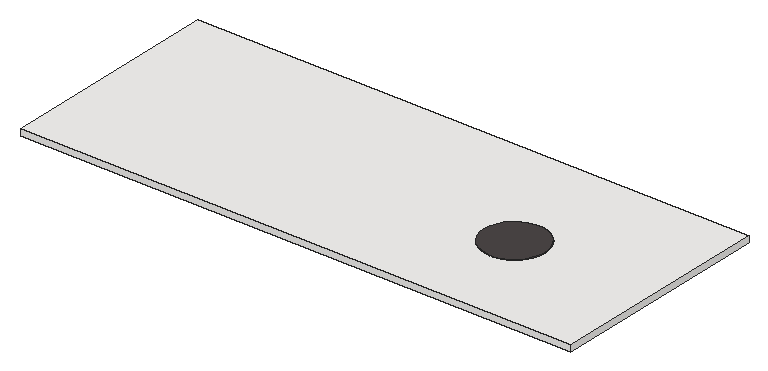
Revit family "console with cutout for bowl without tap hole", category Furniture, Revit 2019
Family settings
  OmniClass Number = 23.21.19.15.33.13
  Work Plane-Based = No
  Always vertical = No
  Cut with Voids When Loaded = No
  Shared = Yes
  Room Calculation Point = No
Parameters (values of type "Console 1360_550 with cutout right for bowl without tap hole-54117050-GLOSSY_WHITE-200")
  WEIGHT = "12.2"
  UNSPSC = "56 | Furniture and Furnishings"
  UNIFORMATII = "E2010 | Fixed Furnishings"
  UNICLASS2015 = "Pr_40_20_76_94 | Vanity units"
  SURFACE = "GLOSSY_WHITE"
  SPECIFICATION = "Surfaces:    - 54117050 High Gloss White  - 54117910 Diamond Matt Grey  - 54117230 Natural Oak  - 54117630 Dark Walnut      Specification:"
  REGIONSET = "Worldwide"
  R = 75
  PRODUCTURL = "https://pro.hansgrohe.com/articledetail--54117050"
  PRODUCTGROUP = "console"
  PRODUCTFAMILY = "Xelu Q"
  PERMALINK = "54117XXX"
  OMNICLASS = "23-19 31 17 11 | Bathroom Units"
  OBJECTTYPE = "Object (single object)"
  NN = "Console with cutout for bowl without tap hole"
  NBSYN = "$BASENUMBER.-$ARTNR.-$SURFACE.-$LODLEVEL."
  NB = "Console 1360/550 with cutout right for bowl without tap hole-54117050-GLOSSY_WHITE-200"
  NAME = "Xelu Q Console 1360/550 with cutout right for bowl without tap hole"
  Model = "Console 1360/550 with cutout right for bowl without tap hole-54117050-GLOSSY_WHITE-200"
  Manufacturer = "Hansgrohe"
  MIdent = "{$CADENAS_DATA/23d-libs/hansgrohe/xelu_furniture/console_with_cutout_for_bowl_without_tap_hole/console_with_cutout_for_bowl_without_taphole.prj},360 {VTYP=3D},{NB=Console 1360/550 with cutout right for bowl without tap hole-54117050-GLOSSY_WHITE-200},{LINA=Console 1360/550 with cutout right for bowl without tap hole-54117050-GLOSSY_WHITE-200},{NN=Console with cutout for bowl without tap hole},{DATE=10.03.2023 08:15:20},{GEOMDATE=08.03.2023 13:19:56},{VERSION=},{LINEID=180},{WBVAR=LODLEVEL},{WBNUMERIC=}  {NB=Console 1360/550 with cutout right for bowl without tap hole-54117050-GLOSSY_WHITE-200},{LINA=Console 1360/550 with cutout right for bowl without tap hole-54117050-GLOSSY_WHITE-200},{KT=DUMMY},{IDNR=18},{ARTNR=54117050},{BASENUMBER=Console 1360/550 with cutout right for bowl without tap hole},{MODEL=54117XXX},{SURFACE=GLOSSY_WHITE},{L=1360},{LODLEVEL=200},{LODLEVELX='400','400','200','200'},{R=75},{LL=1020},{NAME=Xelu Q Console 1360/550 with cutout right for bowl without tap hole},{PERMALINK=54117XXX},{OBJECTTYPE=Object (single object)},{BIMOBJECT=Sanitary: Compound units },{PRODUCTFAMILY=Xelu Q},{PRODUCTGROUP=console},{WEIGHT=12.2},{DESCRIPTION=Xelu Q Console 1360/550 with cutout right for bowl without tap hole},{SPECIFICATION=Surfaces:    - 54117050 High Gloss White  - 54117910 Diamond Matt Grey  - 54117230 Natural Oak  - 54117630 Dark Walnut      Specification:},{PRODUCTURL=https://pro.hansgrohe.com/articledetail--54117050},{GTINCODE=4059625457771},{TENDERURL=},{IFC=Furnishing element},{ETIM=EC011381 | Bathroom furniture set},{UNICLASS2015=Pr_40_20_76_94 | Vanity units},{OMNICLASS=23-19 31 17 11 | Bathroom Units},{MASTERFORMAT=12 35 30.23 | Bathroom Casework},{UNSPSC=56 | Furniture and Furnishings},{UNIFORMATII=E2010 | Fixed Furnishings},{REGIONSET=Worldwide},{DESIGN=Germany},{MANUFACTURER=Germany}"
  MASTERFORMAT = "12 35 30.23 | Bathroom Casework"
  LODLEVEL = "200"
  LL = 1020
  LINA = "Console 1360/550 with cutout right for bowl without tap hole-54117050-GLOSSY_WHITE-200"
  L = 1360
  IFC = "Furnishing element"
  GTINCODE = "4059625457771"
  ETIM = "EC011381 | Bathroom furniture set"
  DESIGN = "Germany"
  Console 980_550 with cutout in the middle for bowl without tap hole-54114910-DIAMOND_GREY-400_RX0RY0RZ0TX0TY0TZ0_V = no
  Console 980_550 with cutout in the middle for bowl without tap hole-54114910-DIAMOND_GREY-200_RX0RY0RZ0TX0TY0TZ0_V = no
  Console 980_550 with cutout in the middle for bowl without tap hole-54114630-DARK_WALNUT-400_RX0RY0RZ0TX0TY0TZ0_V = no
  Console 980_550 with cutout in the middle for bowl without tap hole-54114630-DARK_WALNUT-200_RX0RY0RZ0TX0TY0TZ0_V = no
  Console 980_550 with cutout in the middle for bowl without tap hole-54114230-NATURAL_OAK-400_RX0RY0RZ0TX0TY0TZ0_V = no
  Console 980_550 with cutout in the middle for bowl without tap hole-54114230-NATURAL_OAK-200_RX0RY0RZ0TX0TY0TZ0_V = no
  Console 980_550 with cutout in the middle for bowl without tap hole-54114050-GLOSSY_WHITE-400_RX0RY0RZ0TX0TY0TZ0_V = no
  Console 980_550 with cutout in the middle for bowl without tap hole-54114050-GLOSSY_WHITE-200_RX0RY0RZ0TX0TY0TZ0_V = no
  Console 780_550 with cutout in the middle for bowl without tap hole-54113910-DIAMOND_GREY-400_RX0RY0RZ0TX0TY0TZ0_V = no
  Console 780_550 with cutout in the middle for bowl without tap hole-54113910-DIAMOND_GREY-200_RX0RY0RZ0TX0TY0TZ0_V = no
  Console 780_550 with cutout in the middle for bowl without tap hole-54113630-DARK_WALNUT-400_RX0RY0RZ0TX0TY0TZ0_V = no
  Console 780_550 with cutout in the middle for bowl without tap hole-54113630-DARK_WALNUT-200_RX0RY0RZ0TX0TY0TZ0_V = no
  Console 780_550 with cutout in the middle for bowl without tap hole-54113230-NATURAL_OAK-400_RX0RY0RZ0TX0TY0TZ0_V = no
  Console 780_550 with cutout in the middle for bowl without tap hole-54113230-NATURAL_OAK-200_RX0RY0RZ0TX0TY0TZ0_V = no
  Console 780_550 with cutout in the middle for bowl without tap hole-54113050-GLOSSY_WHITE-400_RX0RY0RZ0TX0TY0TZ0_V = no
  Console 780_550 with cutout in the middle for bowl without tap hole-54113050-GLOSSY_WHITE-200_RX0RY0RZ0TX0TY0TZ0_V = no
  Console 1360_550 with cutout right for bowl without tap hole-54117910-DIAMOND_GREY-400_RX0RY0RZ0TX0TY0TZ0_V = no
  Console 1360_550 with cutout right for bowl without tap hole-54117910-DIAMOND_GREY-200_RX0RY0RZ0TX0TY0TZ0_V = no
  Console 1360_550 with cutout right for bowl without tap hole-54117630-DARK_WALNUT-400_RX0RY0RZ0TX0TY0TZ0_V = no
  Console 1360_550 with cutout right for bowl without tap hole-54117630-DARK_WALNUT-200_RX0RY0RZ0TX0TY0TZ0_V = no
  Console 1360_550 with cutout right for bowl without tap hole-54117230-NATURAL_OAK-400_RX0RY0RZ0TX0TY0TZ0_V = no
  Console 1360_550 with cutout right for bowl without tap hole-54117230-NATURAL_OAK-200_RX0RY0RZ0TX0TY0TZ0_V = no
  Console 1360_550 with cutout right for bowl without tap hole-54117050-GLOSSY_WHITE-400_RX0RY0RZ0TX0TY0TZ0_V = no
  Console 1360_550 with cutout right for bowl without tap hole-54117050-GLOSSY_WHITE-200_RX0RY0RZ0TX0TY0TZ0_V = yes
  Console 1360_550 with cutout left for bowl without tap hole-54116910-DIAMOND_GREY-400_RX0RY0RZ0TX0TY0TZ0_V = no
  Console 1360_550 with cutout left for bowl without tap hole-54116910-DIAMOND_GREY-200_RX0RY0RZ0TX0TY0TZ0_V = no
  Console 1360_550 with cutout left for bowl without tap hole-54116630-DARK_WALNUT-400_RX0RY0RZ0TX0TY0TZ0_V = no
  Console 1360_550 with cutout left for bowl without tap hole-54116630-DARK_WALNUT-200_RX0RY0RZ0TX0TY0TZ0_V = no
  Console 1360_550 with cutout left for bowl without tap hole-54116230-NATURAL_OAK-400_RX0RY0RZ0TX0TY0TZ0_V = no
  Console 1360_550 with cutout left for bowl without tap hole-54116230-NATURAL_OAK-200_RX0RY0RZ0TX0TY0TZ0_V = no
  Console 1360_550 with cutout left for bowl without tap hole-54116050-GLOSSY_WHITE-400_RX0RY0RZ0TX0TY0TZ0_V = no
  Console 1360_550 with cutout left for bowl without tap hole-54116050-GLOSSY_WHITE-200_RX0RY0RZ0TX0TY0TZ0_V = no
  Console 1180_550 with cutout in the middle for bowl without tap hole-54115910-DIAMOND_GREY-400_RX0RY0RZ0TX0TY0TZ0_V = no
  Console 1180_550 with cutout in the middle for bowl without tap hole-54115910-DIAMOND_GREY-200_RX0RY0RZ0TX0TY0TZ0_V = no
  Console 1180_550 with cutout in the middle for bowl without tap hole-54115630-DARK_WALNUT-400_RX0RY0RZ0TX0TY0TZ0_V = no
  Console 1180_550 with cutout in the middle for bowl without tap hole-54115630-DARK_WALNUT-200_RX0RY0RZ0TX0TY0TZ0_V = no
  Console 1180_550 with cutout in the middle for bowl without tap hole-54115230-NATURAL_OAK-400_RX0RY0RZ0TX0TY0TZ0_V = no
  Console 1180_550 with cutout in the middle for bowl without tap hole-54115230-NATURAL_OAK-200_RX0RY0RZ0TX0TY0TZ0_V = no
  Console 1180_550 with cutout in the middle for bowl without tap hole-54115050-GLOSSY_WHITE-400_RX0RY0RZ0TX0TY0TZ0_V = no
  Console 1180_550 with cutout in the middle for bowl without tap hole-54115050-GLOSSY_WHITE-200_RX0RY0RZ0TX0TY0TZ0_V = no
  CATALOG = "Hansgrohe"
  BIMOBJECT = "Sanitary: Compound units "
  BASENUMBER = "Console 1360/550 with cutout right for bowl without tap hole"
  ARTNR = "54117050"
Reference planes
  plane 1 "Center (Front/Back)": y = 0
  plane 2: z = 0
  plane 3 "Center (Left/Right)": x = 0
Dimensions and locks
  aligned and locked: level to plane 2
Nested families
  nested 1: "console 1180_550 with cutout in the middle for bowl without tap hole-54115050-glossy_white-200_content" at (0, 0, 0), visible <- "Console 1180_550 with cutout in the middle for bowl without tap hole-54115050-GLOSSY_WHITE-200_RX0RY0RZ0TX0TY0TZ0_V", ContentVisible <- "Console 1180_550 with cutout in the middle for bowl without tap hole-54115050-GLOSSY_WHITE-200_RX0RY0RZ0TX0TY0TZ0_V", type "Console 1180_550 with cutout in the middle for bowl without tap hole-54115050-GLOSSY_WHITE-200_Content"
    with ContentVisible no
  nested 2: "console 1180_550 with cutout in the middle for bowl without tap hole-54115050-glossy_white-400_content" at (0, 0, 0), visible <- "Console 1180_550 with cutout in the middle for bowl without tap hole-54115050-GLOSSY_WHITE-400_RX0RY0RZ0TX0TY0TZ0_V", ContentVisible <- "Console 1180_550 with cutout in the middle for bowl without tap hole-54115050-GLOSSY_WHITE-400_RX0RY0RZ0TX0TY0TZ0_V", type "Console 1180_550 with cutout in the middle for bowl without tap hole-54115050-GLOSSY_WHITE-400_Content"
    with ContentVisible no
  nested 3: "console 1180_550 with cutout in the middle for bowl without tap hole-54115230-natural_oak-200_content" at (0, 0, 0), visible <- "Console 1180_550 with cutout in the middle for bowl without tap hole-54115230-NATURAL_OAK-200_RX0RY0RZ0TX0TY0TZ0_V", ContentVisible <- "Console 1180_550 with cutout in the middle for bowl without tap hole-54115230-NATURAL_OAK-200_RX0RY0RZ0TX0TY0TZ0_V", type "Console 1180_550 with cutout in the middle for bowl without tap hole-54115230-NATURAL_OAK-200_Content"
    with ContentVisible no
  nested 4: "console 1180_550 with cutout in the middle for bowl without tap hole-54115230-natural_oak-400_content" at (0, 0, 0), visible <- "Console 1180_550 with cutout in the middle for bowl without tap hole-54115230-NATURAL_OAK-400_RX0RY0RZ0TX0TY0TZ0_V", ContentVisible <- "Console 1180_550 with cutout in the middle for bowl without tap hole-54115230-NATURAL_OAK-400_RX0RY0RZ0TX0TY0TZ0_V", type "Console 1180_550 with cutout in the middle for bowl without tap hole-54115230-NATURAL_OAK-400_Content"
    with ContentVisible no
  nested 5: "console 1180_550 with cutout in the middle for bowl without tap hole-54115630-dark_walnut-200_content" at (0, 0, 0), visible <- "Console 1180_550 with cutout in the middle for bowl without tap hole-54115630-DARK_WALNUT-200_RX0RY0RZ0TX0TY0TZ0_V", ContentVisible <- "Console 1180_550 with cutout in the middle for bowl without tap hole-54115630-DARK_WALNUT-200_RX0RY0RZ0TX0TY0TZ0_V", type "Console 1180_550 with cutout in the middle for bowl without tap hole-54115630-DARK_WALNUT-200_Content"
    with ContentVisible no
  nested 6: "console 1180_550 with cutout in the middle for bowl without tap hole-54115630-dark_walnut-400_content" at (0, 0, 0), visible <- "Console 1180_550 with cutout in the middle for bowl without tap hole-54115630-DARK_WALNUT-400_RX0RY0RZ0TX0TY0TZ0_V", ContentVisible <- "Console 1180_550 with cutout in the middle for bowl without tap hole-54115630-DARK_WALNUT-400_RX0RY0RZ0TX0TY0TZ0_V", type "Console 1180_550 with cutout in the middle for bowl without tap hole-54115630-DARK_WALNUT-400_Content"
    with ContentVisible no
  nested 7: "console 1180_550 with cutout in the middle for bowl without tap hole-54115910-diamond_grey-200_content" at (0, 0, 0), visible <- "Console 1180_550 with cutout in the middle for bowl without tap hole-54115910-DIAMOND_GREY-200_RX0RY0RZ0TX0TY0TZ0_V", ContentVisible <- "Console 1180_550 with cutout in the middle for bowl without tap hole-54115910-DIAMOND_GREY-200_RX0RY0RZ0TX0TY0TZ0_V", type "Console 1180_550 with cutout in the middle for bowl without tap hole-54115910-DIAMOND_GREY-200_Content"
    with ContentVisible no
  nested 8: "console 1180_550 with cutout in the middle for bowl without tap hole-54115910-diamond_grey-400_content" at (0, 0, 0), visible <- "Console 1180_550 with cutout in the middle for bowl without tap hole-54115910-DIAMOND_GREY-400_RX0RY0RZ0TX0TY0TZ0_V", ContentVisible <- "Console 1180_550 with cutout in the middle for bowl without tap hole-54115910-DIAMOND_GREY-400_RX0RY0RZ0TX0TY0TZ0_V", type "Console 1180_550 with cutout in the middle for bowl without tap hole-54115910-DIAMOND_GREY-400_Content"
    with ContentVisible no
  nested 9: "console 1360_550 with cutout left for bowl without tap hole-54116050-glossy_white-200_content" at (0, 0, 0), visible <- "Console 1360_550 with cutout left for bowl without tap hole-54116050-GLOSSY_WHITE-200_RX0RY0RZ0TX0TY0TZ0_V", ContentVisible <- "Console 1360_550 with cutout left for bowl without tap hole-54116050-GLOSSY_WHITE-200_RX0RY0RZ0TX0TY0TZ0_V", type "Console 1360_550 with cutout left for bowl without tap hole-54116050-GLOSSY_WHITE-200_Content"
    with ContentVisible no
  nested 10: "console 1360_550 with cutout left for bowl without tap hole-54116050-glossy_white-400_content" at (0, 0, 0), visible <- "Console 1360_550 with cutout left for bowl without tap hole-54116050-GLOSSY_WHITE-400_RX0RY0RZ0TX0TY0TZ0_V", ContentVisible <- "Console 1360_550 with cutout left for bowl without tap hole-54116050-GLOSSY_WHITE-400_RX0RY0RZ0TX0TY0TZ0_V", type "Console 1360_550 with cutout left for bowl without tap hole-54116050-GLOSSY_WHITE-400_Content"
    with ContentVisible no
  nested 11: "console 1360_550 with cutout left for bowl without tap hole-54116230-natural_oak-200_content" at (0, 0, 0), visible <- "Console 1360_550 with cutout left for bowl without tap hole-54116230-NATURAL_OAK-200_RX0RY0RZ0TX0TY0TZ0_V", ContentVisible <- "Console 1360_550 with cutout left for bowl without tap hole-54116230-NATURAL_OAK-200_RX0RY0RZ0TX0TY0TZ0_V", type "Console 1360_550 with cutout left for bowl without tap hole-54116230-NATURAL_OAK-200_Content"
    with ContentVisible no
  nested 12: "console 1360_550 with cutout left for bowl without tap hole-54116230-natural_oak-400_content" at (0, 0, 0), visible <- "Console 1360_550 with cutout left for bowl without tap hole-54116230-NATURAL_OAK-400_RX0RY0RZ0TX0TY0TZ0_V", ContentVisible <- "Console 1360_550 with cutout left for bowl without tap hole-54116230-NATURAL_OAK-400_RX0RY0RZ0TX0TY0TZ0_V", type "Console 1360_550 with cutout left for bowl without tap hole-54116230-NATURAL_OAK-400_Content"
    with ContentVisible no
  nested 13: "console 1360_550 with cutout left for bowl without tap hole-54116630-dark_walnut-200_content" at (0, 0, 0), visible <- "Console 1360_550 with cutout left for bowl without tap hole-54116630-DARK_WALNUT-200_RX0RY0RZ0TX0TY0TZ0_V", ContentVisible <- "Console 1360_550 with cutout left for bowl without tap hole-54116630-DARK_WALNUT-200_RX0RY0RZ0TX0TY0TZ0_V", type "Console 1360_550 with cutout left for bowl without tap hole-54116630-DARK_WALNUT-200_Content"
    with ContentVisible no
  nested 14: "console 1360_550 with cutout left for bowl without tap hole-54116630-dark_walnut-400_content" at (0, 0, 0), visible <- "Console 1360_550 with cutout left for bowl without tap hole-54116630-DARK_WALNUT-400_RX0RY0RZ0TX0TY0TZ0_V", ContentVisible <- "Console 1360_550 with cutout left for bowl without tap hole-54116630-DARK_WALNUT-400_RX0RY0RZ0TX0TY0TZ0_V", type "Console 1360_550 with cutout left for bowl without tap hole-54116630-DARK_WALNUT-400_Content"
    with ContentVisible no
  nested 15: "console 1360_550 with cutout left for bowl without tap hole-54116910-diamond_grey-200_content" at (0, 0, 0), visible <- "Console 1360_550 with cutout left for bowl without tap hole-54116910-DIAMOND_GREY-200_RX0RY0RZ0TX0TY0TZ0_V", ContentVisible <- "Console 1360_550 with cutout left for bowl without tap hole-54116910-DIAMOND_GREY-200_RX0RY0RZ0TX0TY0TZ0_V", type "Console 1360_550 with cutout left for bowl without tap hole-54116910-DIAMOND_GREY-200_Content"
    with ContentVisible no
  nested 16: "console 1360_550 with cutout left for bowl without tap hole-54116910-diamond_grey-400_content" at (0, 0, 0), visible <- "Console 1360_550 with cutout left for bowl without tap hole-54116910-DIAMOND_GREY-400_RX0RY0RZ0TX0TY0TZ0_V", ContentVisible <- "Console 1360_550 with cutout left for bowl without tap hole-54116910-DIAMOND_GREY-400_RX0RY0RZ0TX0TY0TZ0_V", type "Console 1360_550 with cutout left for bowl without tap hole-54116910-DIAMOND_GREY-400_Content"
    with ContentVisible no
  nested 17: "console 1360_550 with cutout right for bowl without tap hole-54117050-glossy_white-200_content" at (0, 0, 0), visible <- "Console 1360_550 with cutout right for bowl without tap hole-54117050-GLOSSY_WHITE-200_RX0RY0RZ0TX0TY0TZ0_V", ContentVisible <- "Console 1360_550 with cutout right for bowl without tap hole-54117050-GLOSSY_WHITE-200_RX0RY0RZ0TX0TY0TZ0_V", type "Console 1360_550 with cutout right for bowl without tap hole-54117050-GLOSSY_WHITE-200_Content"
    with ContentVisible yes
  nested 18: "console 1360_550 with cutout right for bowl without tap hole-54117050-glossy_white-400_content" at (0, 0, 0), visible <- "Console 1360_550 with cutout right for bowl without tap hole-54117050-GLOSSY_WHITE-400_RX0RY0RZ0TX0TY0TZ0_V", ContentVisible <- "Console 1360_550 with cutout right for bowl without tap hole-54117050-GLOSSY_WHITE-400_RX0RY0RZ0TX0TY0TZ0_V", type "Console 1360_550 with cutout right for bowl without tap hole-54117050-GLOSSY_WHITE-400_Content"
    with ContentVisible no
  nested 19: "console 1360_550 with cutout right for bowl without tap hole-54117230-natural_oak-200_content" at (0, 0, 0), visible <- "Console 1360_550 with cutout right for bowl without tap hole-54117230-NATURAL_OAK-200_RX0RY0RZ0TX0TY0TZ0_V", ContentVisible <- "Console 1360_550 with cutout right for bowl without tap hole-54117230-NATURAL_OAK-200_RX0RY0RZ0TX0TY0TZ0_V", type "Console 1360_550 with cutout right for bowl without tap hole-54117230-NATURAL_OAK-200_Content"
    with ContentVisible no
  nested 20: "console 1360_550 with cutout right for bowl without tap hole-54117230-natural_oak-400_content" at (0, 0, 0), visible <- "Console 1360_550 with cutout right for bowl without tap hole-54117230-NATURAL_OAK-400_RX0RY0RZ0TX0TY0TZ0_V", ContentVisible <- "Console 1360_550 with cutout right for bowl without tap hole-54117230-NATURAL_OAK-400_RX0RY0RZ0TX0TY0TZ0_V", type "Console 1360_550 with cutout right for bowl without tap hole-54117230-NATURAL_OAK-400_Content"
    with ContentVisible no
  nested 21: "console 1360_550 with cutout right for bowl without tap hole-54117630-dark_walnut-200_content" at (0, 0, 0), visible <- "Console 1360_550 with cutout right for bowl without tap hole-54117630-DARK_WALNUT-200_RX0RY0RZ0TX0TY0TZ0_V", ContentVisible <- "Console 1360_550 with cutout right for bowl without tap hole-54117630-DARK_WALNUT-200_RX0RY0RZ0TX0TY0TZ0_V", type "Console 1360_550 with cutout right for bowl without tap hole-54117630-DARK_WALNUT-200_Content"
    with ContentVisible no
  nested 22: "console 1360_550 with cutout right for bowl without tap hole-54117630-dark_walnut-400_content" at (0, 0, 0), visible <- "Console 1360_550 with cutout right for bowl without tap hole-54117630-DARK_WALNUT-400_RX0RY0RZ0TX0TY0TZ0_V", ContentVisible <- "Console 1360_550 with cutout right for bowl without tap hole-54117630-DARK_WALNUT-400_RX0RY0RZ0TX0TY0TZ0_V", type "Console 1360_550 with cutout right for bowl without tap hole-54117630-DARK_WALNUT-400_Content"
    with ContentVisible no
  nested 23: "console 1360_550 with cutout right for bowl without tap hole-54117910-diamond_grey-200_content" at (0, 0, 0), visible <- "Console 1360_550 with cutout right for bowl without tap hole-54117910-DIAMOND_GREY-200_RX0RY0RZ0TX0TY0TZ0_V", ContentVisible <- "Console 1360_550 with cutout right for bowl without tap hole-54117910-DIAMOND_GREY-200_RX0RY0RZ0TX0TY0TZ0_V", type "Console 1360_550 with cutout right for bowl without tap hole-54117910-DIAMOND_GREY-200_Content"
    with ContentVisible no
  nested 24: "console 1360_550 with cutout right for bowl without tap hole-54117910-diamond_grey-400_content" at (0, 0, 0), visible <- "Console 1360_550 with cutout right for bowl without tap hole-54117910-DIAMOND_GREY-400_RX0RY0RZ0TX0TY0TZ0_V", ContentVisible <- "Console 1360_550 with cutout right for bowl without tap hole-54117910-DIAMOND_GREY-400_RX0RY0RZ0TX0TY0TZ0_V", type "Console 1360_550 with cutout right for bowl without tap hole-54117910-DIAMOND_GREY-400_Content"
    with ContentVisible no
  nested 25: "console 780_550 with cutout in the middle for bowl without tap hole-54113050-glossy_white-200_content" at (0, 0, 0), visible <- "Console 780_550 with cutout in the middle for bowl without tap hole-54113050-GLOSSY_WHITE-200_RX0RY0RZ0TX0TY0TZ0_V", ContentVisible <- "Console 780_550 with cutout in the middle for bowl without tap hole-54113050-GLOSSY_WHITE-200_RX0RY0RZ0TX0TY0TZ0_V", type "Console 780_550 with cutout in the middle for bowl without tap hole-54113050-GLOSSY_WHITE-200_Content"
    with ContentVisible no
  nested 26: "console 780_550 with cutout in the middle for bowl without tap hole-54113050-glossy_white-400_content" at (0, 0, 0), visible <- "Console 780_550 with cutout in the middle for bowl without tap hole-54113050-GLOSSY_WHITE-400_RX0RY0RZ0TX0TY0TZ0_V", ContentVisible <- "Console 780_550 with cutout in the middle for bowl without tap hole-54113050-GLOSSY_WHITE-400_RX0RY0RZ0TX0TY0TZ0_V", type "Console 780_550 with cutout in the middle for bowl without tap hole-54113050-GLOSSY_WHITE-400_Content"
    with ContentVisible no
  nested 27: "console 780_550 with cutout in the middle for bowl without tap hole-54113230-natural_oak-200_content" at (0, 0, 0), visible <- "Console 780_550 with cutout in the middle for bowl without tap hole-54113230-NATURAL_OAK-200_RX0RY0RZ0TX0TY0TZ0_V", ContentVisible <- "Console 780_550 with cutout in the middle for bowl without tap hole-54113230-NATURAL_OAK-200_RX0RY0RZ0TX0TY0TZ0_V", type "Console 780_550 with cutout in the middle for bowl without tap hole-54113230-NATURAL_OAK-200_Content"
    with ContentVisible no
  nested 28: "console 780_550 with cutout in the middle for bowl without tap hole-54113230-natural_oak-400_content" at (0, 0, 0), visible <- "Console 780_550 with cutout in the middle for bowl without tap hole-54113230-NATURAL_OAK-400_RX0RY0RZ0TX0TY0TZ0_V", ContentVisible <- "Console 780_550 with cutout in the middle for bowl without tap hole-54113230-NATURAL_OAK-400_RX0RY0RZ0TX0TY0TZ0_V", type "Console 780_550 with cutout in the middle for bowl without tap hole-54113230-NATURAL_OAK-400_Content"
    with ContentVisible no
  nested 29: "console 780_550 with cutout in the middle for bowl without tap hole-54113630-dark_walnut-200_content" at (0, 0, 0), visible <- "Console 780_550 with cutout in the middle for bowl without tap hole-54113630-DARK_WALNUT-200_RX0RY0RZ0TX0TY0TZ0_V", ContentVisible <- "Console 780_550 with cutout in the middle for bowl without tap hole-54113630-DARK_WALNUT-200_RX0RY0RZ0TX0TY0TZ0_V", type "Console 780_550 with cutout in the middle for bowl without tap hole-54113630-DARK_WALNUT-200_Content"
    with ContentVisible no
  nested 30: "console 780_550 with cutout in the middle for bowl without tap hole-54113630-dark_walnut-400_content" at (0, 0, 0), visible <- "Console 780_550 with cutout in the middle for bowl without tap hole-54113630-DARK_WALNUT-400_RX0RY0RZ0TX0TY0TZ0_V", ContentVisible <- "Console 780_550 with cutout in the middle for bowl without tap hole-54113630-DARK_WALNUT-400_RX0RY0RZ0TX0TY0TZ0_V", type "Console 780_550 with cutout in the middle for bowl without tap hole-54113630-DARK_WALNUT-400_Content"
    with ContentVisible no
  nested 31: "console 780_550 with cutout in the middle for bowl without tap hole-54113910-diamond_grey-200_content" at (0, 0, 0), visible <- "Console 780_550 with cutout in the middle for bowl without tap hole-54113910-DIAMOND_GREY-200_RX0RY0RZ0TX0TY0TZ0_V", ContentVisible <- "Console 780_550 with cutout in the middle for bowl without tap hole-54113910-DIAMOND_GREY-200_RX0RY0RZ0TX0TY0TZ0_V", type "Console 780_550 with cutout in the middle for bowl without tap hole-54113910-DIAMOND_GREY-200_Content"
    with ContentVisible no
  nested 32: "console 780_550 with cutout in the middle for bowl without tap hole-54113910-diamond_grey-400_content" at (0, 0, 0), visible <- "Console 780_550 with cutout in the middle for bowl without tap hole-54113910-DIAMOND_GREY-400_RX0RY0RZ0TX0TY0TZ0_V", ContentVisible <- "Console 780_550 with cutout in the middle for bowl without tap hole-54113910-DIAMOND_GREY-400_RX0RY0RZ0TX0TY0TZ0_V", type "Console 780_550 with cutout in the middle for bowl without tap hole-54113910-DIAMOND_GREY-400_Content"
    with ContentVisible no
  nested 33: "console 980_550 with cutout in the middle for bowl without tap hole-54114050-glossy_white-200_content" at (0, 0, 0), visible <- "Console 980_550 with cutout in the middle for bowl without tap hole-54114050-GLOSSY_WHITE-200_RX0RY0RZ0TX0TY0TZ0_V", ContentVisible <- "Console 980_550 with cutout in the middle for bowl without tap hole-54114050-GLOSSY_WHITE-200_RX0RY0RZ0TX0TY0TZ0_V", type "Console 980_550 with cutout in the middle for bowl without tap hole-54114050-GLOSSY_WHITE-200_Content"
    with ContentVisible no
  nested 34: "console 980_550 with cutout in the middle for bowl without tap hole-54114050-glossy_white-400_content" at (0, 0, 0), visible <- "Console 980_550 with cutout in the middle for bowl without tap hole-54114050-GLOSSY_WHITE-400_RX0RY0RZ0TX0TY0TZ0_V", ContentVisible <- "Console 980_550 with cutout in the middle for bowl without tap hole-54114050-GLOSSY_WHITE-400_RX0RY0RZ0TX0TY0TZ0_V", type "Console 980_550 with cutout in the middle for bowl without tap hole-54114050-GLOSSY_WHITE-400_Content"
    with ContentVisible no
  nested 35: "console 980_550 with cutout in the middle for bowl without tap hole-54114230-natural_oak-200_content" at (0, 0, 0), visible <- "Console 980_550 with cutout in the middle for bowl without tap hole-54114230-NATURAL_OAK-200_RX0RY0RZ0TX0TY0TZ0_V", ContentVisible <- "Console 980_550 with cutout in the middle for bowl without tap hole-54114230-NATURAL_OAK-200_RX0RY0RZ0TX0TY0TZ0_V", type "Console 980_550 with cutout in the middle for bowl without tap hole-54114230-NATURAL_OAK-200_Content"
    with ContentVisible no
  nested 36: "console 980_550 with cutout in the middle for bowl without tap hole-54114230-natural_oak-400_content" at (0, 0, 0), visible <- "Console 980_550 with cutout in the middle for bowl without tap hole-54114230-NATURAL_OAK-400_RX0RY0RZ0TX0TY0TZ0_V", ContentVisible <- "Console 980_550 with cutout in the middle for bowl without tap hole-54114230-NATURAL_OAK-400_RX0RY0RZ0TX0TY0TZ0_V", type "Console 980_550 with cutout in the middle for bowl without tap hole-54114230-NATURAL_OAK-400_Content"
    with ContentVisible no
  nested 37: "console 980_550 with cutout in the middle for bowl without tap hole-54114630-dark_walnut-200_content" at (0, 0, 0), visible <- "Console 980_550 with cutout in the middle for bowl without tap hole-54114630-DARK_WALNUT-200_RX0RY0RZ0TX0TY0TZ0_V", ContentVisible <- "Console 980_550 with cutout in the middle for bowl without tap hole-54114630-DARK_WALNUT-200_RX0RY0RZ0TX0TY0TZ0_V", type "Console 980_550 with cutout in the middle for bowl without tap hole-54114630-DARK_WALNUT-200_Content"
    with ContentVisible no
  nested 38: "console 980_550 with cutout in the middle for bowl without tap hole-54114630-dark_walnut-400_content" at (0, 0, 0), visible <- "Console 980_550 with cutout in the middle for bowl without tap hole-54114630-DARK_WALNUT-400_RX0RY0RZ0TX0TY0TZ0_V", ContentVisible <- "Console 980_550 with cutout in the middle for bowl without tap hole-54114630-DARK_WALNUT-400_RX0RY0RZ0TX0TY0TZ0_V", type "Console 980_550 with cutout in the middle for bowl without tap hole-54114630-DARK_WALNUT-400_Content"
    with ContentVisible no
  nested 39: "console 980_550 with cutout in the middle for bowl without tap hole-54114910-diamond_grey-200_content" at (0, 0, 0), visible <- "Console 980_550 with cutout in the middle for bowl without tap hole-54114910-DIAMOND_GREY-200_RX0RY0RZ0TX0TY0TZ0_V", ContentVisible <- "Console 980_550 with cutout in the middle for bowl without tap hole-54114910-DIAMOND_GREY-200_RX0RY0RZ0TX0TY0TZ0_V", type "Console 980_550 with cutout in the middle for bowl without tap hole-54114910-DIAMOND_GREY-200_Content"
    with ContentVisible no
  nested 40: "console 980_550 with cutout in the middle for bowl without tap hole-54114910-diamond_grey-400_content" at (0, 0, 0), visible <- "Console 980_550 with cutout in the middle for bowl without tap hole-54114910-DIAMOND_GREY-400_RX0RY0RZ0TX0TY0TZ0_V", ContentVisible <- "Console 980_550 with cutout in the middle for bowl without tap hole-54114910-DIAMOND_GREY-400_RX0RY0RZ0TX0TY0TZ0_V", type "Console 980_550 with cutout in the middle for bowl without tap hole-54114910-DIAMOND_GREY-400_Content"
    with ContentVisible no
Definition of nested family "console 1360_550 with cutout right for bowl without tap hole-54117050-glossy_white-200_content"
  Parameters (values of type "Console 1360_550 with cutout right for bowl without tap hole-54117050-GLOSSY_WHITE-200_Content")
    WEIGHT = "12.2"
    UNSPSC = "56 | Furniture and Furnishings"
    UNIFORMATII = "E2010 | Fixed Furnishings"
    UNICLASS2015 = "Pr_40_20_76_94 | Vanity units"
    SURFACE = "GLOSSY_WHITE"
    SPECIFICATION = "Surfaces:    - 54117050 High Gloss White  - 54117910 Diamond Matt Grey  - 54117230 Natural Oak  - 54117630 Dark Walnut      Specification:"
    REGIONSET = "Worldwide"
    R = 75
    PRODUCTURL = "https://pro.hansgrohe.com/articledetail--54117050"
    PRODUCTGROUP = "console"
    PRODUCTFAMILY = "Xelu Q"
    PERMALINK = "54117XXX"
    OMNICLASS = "23-19 31 17 11 | Bathroom Units"
    OBJECTTYPE = "Object (single object)"
    NN = "Console with cutout for bowl without tap hole"
    NBSYN = "$BASENUMBER.-$ARTNR.-$SURFACE.-$LODLEVEL."
    NB = "Console 1360/550 with cutout right for bowl without tap hole-54117050-GLOSSY_WHITE-200"
    NAME = "Xelu Q Console 1360/550 with cutout right for bowl without tap hole"
    Model = "Console 1360/550 with cutout right for bowl without tap hole-54117050-GLOSSY_WHITE-200"
    Manufacturer = "Hansgrohe"
    MASTERFORMAT = "12 35 30.23 | Bathroom Casework"
    LODLEVEL = "200"
    LL = 1020
    LINA = "Console 1360/550 with cutout right for bowl without tap hole-54117050-GLOSSY_WHITE-200"
    L = 1360
    IFC = "Furnishing element"
    GTINCODE = "4059625457771"
    ETIM = "EC011381 | Bathroom furniture set"
    Default Elevation = 1219.2 mm
    DESIGN = "Germany"
    ContentVisible [instance] = yes
    CATALOG = "Hansgrohe"
    BIMOBJECT = "Sanitary: Compound units "
    BASENUMBER = "Console 1360/550 with cutout right for bowl without tap hole"
    ARTNR = "54117050"
  Reference planes
    plane 1 "Center (Front/Back)": y = 0
    plane 2: z = 0
    plane 3 "Center (Left/Right)": x = 0
  Forms (mm)
    Extrusion 1, solid, visible <- "ContentVisible", detail levels medium+fine
      sketch origin (0, 0, 0.5) x (1, 0, 0) y (0, 1, 0)
        loop
          line (-1020, 0) -> (-1020, -550) -> (340, -550) -> (340, 0) -> (-1020, 0)
      from 0 to 15
    Extrusion 2, solid, visible <- "ContentVisible", detail levels medium+fine
      sketch origin (0, 0, 0) x (1, 0, 0) y (0, 1, 0)
        loop
          circle (0, -297.5) r 75
      from 0 to 16
    Extrusion 3, solid, visible <- "ContentVisible", detail levels coarse
      sketch origin (-340, -275, 0) x (1, 0, 0) y (0, 1, 0)
        loop
          line (-680, -275) -> (680, -275) -> (680, 275) -> (-680, 275) -> (-680, -275)
      from 0 to 16
  Dimensions and locks
    aligned and locked: level to plane 2
Definition of nested family "console 1180_550 with cutout in the middle for bowl without tap hole-54115050-glossy_white-200_content"
  Parameters (values of type "Console 1180_550 with cutout in the middle for bowl without tap hole-54115050-GLOSSY_WHITE-200_Content")
    WEIGHT = "14.5"
    UNSPSC = "56 | Furniture and Furnishings"
    UNIFORMATII = "E2010 | Fixed Furnishings"
    UNICLASS2015 = "Pr_40_20_76_94 | Vanity units"
    SURFACE = "GLOSSY_WHITE"
    SPECIFICATION = "Surfaces:    - 54115050 High Gloss White  - 54115910 Diamond Matt Grey  - 54115230 Natural Oak  - 54115630 Dark Walnut      Specification:"
    REGIONSET = "Worldwide"
    R = 75
    PRODUCTURL = "https://pro.hansgrohe.com/articledetail--54115050"
    PRODUCTGROUP = "console"
    PRODUCTFAMILY = "Xelu Q"
    PERMALINK = "54115XXX"
    OMNICLASS = "23-19 31 17 11 | Bathroom Units"
    OBJECTTYPE = "Object (single object)"
    NN = "Console with cutout for bowl without tap hole"
    NBSYN = "$BASENUMBER.-$ARTNR.-$SURFACE.-$LODLEVEL."
    NB = "Console 1180/550 with cutout in the middle for bowl without tap hole-54115050-GLOSSY_WHITE-200"
    NAME = "Xelu Q Console 1180/550 with cutout in the middle for bowl without tap hole"
    Model = "Console 1180/550 with cutout in the middle for bowl without tap hole-54115050-GLOSSY_WHITE-200"
    Manufacturer = "Hansgrohe"
    MASTERFORMAT = "12 35 30.23 | Bathroom Casework"
    LODLEVEL = "200"
    LL = 590
    LINA = "Console 1180/550 with cutout in the middle for bowl without tap hole-54115050-GLOSSY_WHITE-200"
    L = 1180
    IFC = "Furnishing element"
    GTINCODE = "4059625457450"
    ETIM = "EC011381 | Bathroom furniture set"
    Default Elevation = 1219.2 mm
    DESIGN = "Germany"
    ContentVisible [instance] = yes
    CATALOG = "Hansgrohe"
    BIMOBJECT = "Sanitary: Compound units "
    BASENUMBER = "Console 1180/550 with cutout in the middle for bowl without tap hole"
    ARTNR = "54115050"
  Reference planes
    plane 1 "Center (Front/Back)": y = 0
    plane 2: z = 0
    plane 3 "Center (Left/Right)": x = 0
  Forms (mm)
    Extrusion 1, solid, visible <- "ContentVisible", detail levels medium+fine
      sketch origin (0, 0, 0.5) x (1, 0, 0) y (0, 1, 0)
        loop
          line (-590, 0) -> (-590, -550) -> (590, -550) -> (590, 0) -> (-590, 0)
      from 0 to 15
    Extrusion 2, solid, visible <- "ContentVisible", detail levels medium+fine
      sketch origin (0, 0, 0) x (1, 0, 0) y (0, 1, 0)
        loop
          circle (0, -297.5) r 75
      from 0 to 16
    Extrusion 3, solid, visible <- "ContentVisible", detail levels coarse
      sketch origin (0, -275, 0) x (1, 0, 0) y (0, 1, 0)
        loop
          line (-590, -275) -> (590, -275) -> (590, 275) -> (-590, 275) -> (-590, -275)
      from 0 to 16
  Dimensions and locks
    aligned and locked: level to plane 2
Definition of nested family "console 1180_550 with cutout in the middle for bowl without tap hole-54115050-glossy_white-400_content"
  Parameters (values of type "Console 1180_550 with cutout in the middle for bowl without tap hole-54115050-GLOSSY_WHITE-400_Content")
    WEIGHT = "14.5"
    UNSPSC = "56 | Furniture and Furnishings"
    UNIFORMATII = "E2010 | Fixed Furnishings"
    UNICLASS2015 = "Pr_40_20_76_94 | Vanity units"
    SURFACE = "GLOSSY_WHITE"
    SPECIFICATION = "Surfaces:    - 54115050 High Gloss White  - 54115910 Diamond Matt Grey  - 54115230 Natural Oak  - 54115630 Dark Walnut      Specification:"
    REGIONSET = "Worldwide"
    R = 75
    PRODUCTURL = "https://pro.hansgrohe.com/articledetail--54115050"
    PRODUCTGROUP = "console"
    PRODUCTFAMILY = "Xelu Q"
    PERMALINK = "54115XXX"
    OMNICLASS = "23-19 31 17 11 | Bathroom Units"
    OBJECTTYPE = "Object (single object)"
    NN = "Console with cutout for bowl without tap hole"
    NBSYN = "$BASENUMBER.-$ARTNR.-$SURFACE.-$LODLEVEL."
    NB = "Console 1180/550 with cutout in the middle for bowl without tap hole-54115050-GLOSSY_WHITE-400"
    NAME = "Xelu Q Console 1180/550 with cutout in the middle for bowl without tap hole"
    Model = "Console 1180/550 with cutout in the middle for bowl without tap hole-54115050-GLOSSY_WHITE-400"
    Manufacturer = "Hansgrohe"
    MASTERFORMAT = "12 35 30.23 | Bathroom Casework"
    LODLEVEL = "400"
    LL = 590
    LINA = "Console 1180/550 with cutout in the middle for bowl without tap hole-54115050-GLOSSY_WHITE-400"
    L = 1180
    IFC = "Furnishing element"
    GTINCODE = "4059625457450"
    ETIM = "EC011381 | Bathroom furniture set"
    Default Elevation = 1219.2 mm
    DESIGN = "Germany"
    ContentVisible [instance] = yes
    CATALOG = "Hansgrohe"
    BIMOBJECT = "Sanitary: Compound units "
    BASENUMBER = "Console 1180/550 with cutout in the middle for bowl without tap hole"
    ARTNR = "54115050"
  Reference planes
    plane 1 "Center (Front/Back)": y = 0
    plane 2: z = 0
    plane 3 "Center (Left/Right)": x = 0
  Forms (mm)
    Extrusion 1, solid, visible <- "ContentVisible", detail levels medium+fine
      sketch origin (0, 0, 0) x (1, 0, 0) y (0, 1, 0)
        loop
          line (-590, 0) -> (-590, -297.5) -> (-172, -297.5) -> (-172, -260)
          arc (-172, -260) -> (-165, -253) -> (-158, -260) r 7
          line (-158, -260) -> (-158, -297.5) -> (-75, -297.5)
          arc (-75, -297.5) -> (0, -222.5) -> (75, -297.5) r 75
          line (75, -297.5) -> (158, -297.5) -> (158, -260)
          arc (158, -260) -> (165, -253) -> (172, -260) r 7
          line (172, -260) -> (172, -297.5) -> (590, -297.5) -> (590, 0) -> (-590, 0)
      from 0 to 16
    Extrusion 2, solid, visible <- "ContentVisible", detail levels medium+fine
      sketch origin (0, 0, 0) x (1, 0, 0) y (0, 1, 0)
        loop
          line (-590, -297.5) -> (-590, -532)
          arc (-590, -532) -> (-584.728, -544.728) -> (-572, -550) r 18
          line (-572, -550) -> (572, -550)
          arc (572, -550) -> (584.728, -544.728) -> (590, -532) r 18
          line (590, -532) -> (590, -297.5) -> (172, -297.5) -> (172, -335)
          arc (172, -335) -> (165, -342) -> (158, -335) r 7
          line (158, -335) -> (158, -297.5) -> (75, -297.5)
          arc (75, -297.5) -> (0, -372.5) -> (-75, -297.5) r 75
          line (-75, -297.5) -> (-158, -297.5) -> (-158, -335)
          arc (-158, -335) -> (-165, -342) -> (-172, -335) r 7
          line (-172, -335) -> (-172, -297.5) -> (-590, -297.5)
      from 0 to 16
    Extrusion 3, solid, visible <- "ContentVisible", detail levels coarse
      sketch origin (0, -275, 0) x (1, 0, 0) y (0, 1, 0)
        loop
          line (-590, -275) -> (590, -275) -> (590, 275) -> (-590, 275) -> (-590, -275)
      from 0 to 16
  Dimensions and locks
    aligned and locked: level to plane 2
Definition of nested family "console 1180_550 with cutout in the middle for bowl without tap hole-54115230-natural_oak-200_content"
  Parameters (values of type "Console 1180_550 with cutout in the middle for bowl without tap hole-54115230-NATURAL_OAK-200_Content")
    WEIGHT = "14.5"
    UNSPSC = "56 | Furniture and Furnishings"
    UNIFORMATII = "E2010 | Fixed Furnishings"
    UNICLASS2015 = "Pr_40_20_76_94 | Vanity units"
    SURFACE = "NATURAL_OAK"
    SPECIFICATION = "Surfaces:    - 54115050 High Gloss White  - 54115910 Diamond Matt Grey  - 54115230 Natural Oak  - 54115630 Dark Walnut      Specification:"
    REGIONSET = "Worldwide"
    R = 75
    PRODUCTURL = "https://pro.hansgrohe.com/articledetail--54115050"
    PRODUCTGROUP = "console"
    PRODUCTFAMILY = "Xelu Q"
    PERMALINK = "54115XXX"
    OMNICLASS = "23-19 31 17 11 | Bathroom Units"
    OBJECTTYPE = "Object (single object)"
    NN = "Console with cutout for bowl without tap hole"
    NBSYN = "$BASENUMBER.-$ARTNR.-$SURFACE.-$LODLEVEL."
    NB = "Console 1180/550 with cutout in the middle for bowl without tap hole-54115230-NATURAL_OAK-200"
    NAME = "Xelu Q Console 1180/550 with cutout in the middle for bowl without tap hole"
    Model = "Console 1180/550 with cutout in the middle for bowl without tap hole-54115230-NATURAL_OAK-200"
    Manufacturer = "Hansgrohe"
    MASTERFORMAT = "12 35 30.23 | Bathroom Casework"
    LODLEVEL = "200"
    LL = 590
    LINA = "Console 1180/550 with cutout in the middle for bowl without tap hole-54115230-NATURAL_OAK-200"
    L = 1180
    IFC = "Furnishing element"
    GTINCODE = "4059625457450"
    ETIM = "EC011381 | Bathroom furniture set"
    Default Elevation = 1219.2 mm
    DESIGN = "Germany"
    ContentVisible [instance] = yes
    CATALOG = "Hansgrohe"
    BIMOBJECT = "Sanitary: Compound units "
    BASENUMBER = "Console 1180/550 with cutout in the middle for bowl without tap hole"
    ARTNR = "54115230"
  Reference planes
    plane 1 "Center (Front/Back)": y = 0
    plane 2: z = 0
    plane 3 "Center (Left/Right)": x = 0
  Forms (mm)
    Extrusion 1, solid, visible <- "ContentVisible", detail levels medium+fine
      sketch origin (0, 0, 0.5) x (1, 0, 0) y (0, 1, 0)
        loop
          line (-590, 0) -> (-590, -550) -> (590, -550) -> (590, 0) -> (-590, 0)
      from 0 to 15
    Extrusion 2, solid, visible <- "ContentVisible", detail levels medium+fine
      sketch origin (0, 0, 0) x (1, 0, 0) y (0, 1, 0)
        loop
          circle (0, -297.5) r 75
      from 0 to 16
    Extrusion 3, solid, visible <- "ContentVisible", detail levels coarse
      sketch origin (0, -275, 0) x (1, 0, 0) y (0, 1, 0)
        loop
          line (-590, -275) -> (590, -275) -> (590, 275) -> (-590, 275) -> (-590, -275)
      from 0 to 16
  Dimensions and locks
    aligned and locked: level to plane 2
Definition of nested family "console 1180_550 with cutout in the middle for bowl without tap hole-54115230-natural_oak-400_content"
  Parameters (values of type "Console 1180_550 with cutout in the middle for bowl without tap hole-54115230-NATURAL_OAK-400_Content")
    WEIGHT = "14.5"
    UNSPSC = "56 | Furniture and Furnishings"
    UNIFORMATII = "E2010 | Fixed Furnishings"
    UNICLASS2015 = "Pr_40_20_76_94 | Vanity units"
    SURFACE = "NATURAL_OAK"
    SPECIFICATION = "Surfaces:    - 54115050 High Gloss White  - 54115910 Diamond Matt Grey  - 54115230 Natural Oak  - 54115630 Dark Walnut      Specification:"
    REGIONSET = "Worldwide"
    R = 75
    PRODUCTURL = "https://pro.hansgrohe.com/articledetail--54115050"
    PRODUCTGROUP = "console"
    PRODUCTFAMILY = "Xelu Q"
    PERMALINK = "54115XXX"
    OMNICLASS = "23-19 31 17 11 | Bathroom Units"
    OBJECTTYPE = "Object (single object)"
    NN = "Console with cutout for bowl without tap hole"
    NBSYN = "$BASENUMBER.-$ARTNR.-$SURFACE.-$LODLEVEL."
    NB = "Console 1180/550 with cutout in the middle for bowl without tap hole-54115230-NATURAL_OAK-400"
    NAME = "Xelu Q Console 1180/550 with cutout in the middle for bowl without tap hole"
    Model = "Console 1180/550 with cutout in the middle for bowl without tap hole-54115230-NATURAL_OAK-400"
    Manufacturer = "Hansgrohe"
    MASTERFORMAT = "12 35 30.23 | Bathroom Casework"
    LODLEVEL = "400"
    LL = 590
    LINA = "Console 1180/550 with cutout in the middle for bowl without tap hole-54115230-NATURAL_OAK-400"
    L = 1180
    IFC = "Furnishing element"
    GTINCODE = "4059625457450"
    ETIM = "EC011381 | Bathroom furniture set"
    Default Elevation = 1219.2 mm
    DESIGN = "Germany"
    ContentVisible [instance] = yes
    CATALOG = "Hansgrohe"
    BIMOBJECT = "Sanitary: Compound units "
    BASENUMBER = "Console 1180/550 with cutout in the middle for bowl without tap hole"
    ARTNR = "54115230"
  Reference planes
    plane 1 "Center (Front/Back)": y = 0
    plane 2: z = 0
    plane 3 "Center (Left/Right)": x = 0
  Forms (mm)
    Extrusion 1, solid, visible <- "ContentVisible", detail levels medium+fine
      sketch origin (0, 0, 0) x (1, 0, 0) y (0, 1, 0)
        loop
          line (-590, 0) -> (-590, -297.5) -> (-172, -297.5) -> (-172, -260)
          arc (-172, -260) -> (-165, -253) -> (-158, -260) r 7
          line (-158, -260) -> (-158, -297.5) -> (-75, -297.5)
          arc (-75, -297.5) -> (0, -222.5) -> (75, -297.5) r 75
          line (75, -297.5) -> (158, -297.5) -> (158, -260)
          arc (158, -260) -> (165, -253) -> (172, -260) r 7
          line (172, -260) -> (172, -297.5) -> (590, -297.5) -> (590, 0) -> (-590, 0)
      from 0 to 16
    Extrusion 2, solid, visible <- "ContentVisible", detail levels medium+fine
      sketch origin (0, 0, 0) x (1, 0, 0) y (0, 1, 0)
        loop
          line (-590, -297.5) -> (-590, -532)
          arc (-590, -532) -> (-584.728, -544.728) -> (-572, -550) r 18
          line (-572, -550) -> (572, -550)
          arc (572, -550) -> (584.728, -544.728) -> (590, -532) r 18
          line (590, -532) -> (590, -297.5) -> (172, -297.5) -> (172, -335)
          arc (172, -335) -> (165, -342) -> (158, -335) r 7
          line (158, -335) -> (158, -297.5) -> (75, -297.5)
          arc (75, -297.5) -> (0, -372.5) -> (-75, -297.5) r 75
          line (-75, -297.5) -> (-158, -297.5) -> (-158, -335)
          arc (-158, -335) -> (-165, -342) -> (-172, -335) r 7
          line (-172, -335) -> (-172, -297.5) -> (-590, -297.5)
      from 0 to 16
    Extrusion 3, solid, visible <- "ContentVisible", detail levels coarse
      sketch origin (0, -275, 0) x (1, 0, 0) y (0, 1, 0)
        loop
          line (-590, -275) -> (590, -275) -> (590, 275) -> (-590, 275) -> (-590, -275)
      from 0 to 16
  Dimensions and locks
    aligned and locked: level to plane 2
Definition of nested family "console 1180_550 with cutout in the middle for bowl without tap hole-54115630-dark_walnut-200_content"
  Parameters (values of type "Console 1180_550 with cutout in the middle for bowl without tap hole-54115630-DARK_WALNUT-200_Content")
    WEIGHT = "14.5"
    UNSPSC = "56 | Furniture and Furnishings"
    UNIFORMATII = "E2010 | Fixed Furnishings"
    UNICLASS2015 = "Pr_40_20_76_94 | Vanity units"
    SURFACE = "DARK_WALNUT"
    SPECIFICATION = "Surfaces:    - 54115050 High Gloss White  - 54115910 Diamond Matt Grey  - 54115230 Natural Oak  - 54115630 Dark Walnut      Specification:"
    REGIONSET = "Worldwide"
    R = 75
    PRODUCTURL = "https://pro.hansgrohe.com/articledetail--54115050"
    PRODUCTGROUP = "console"
    PRODUCTFAMILY = "Xelu Q"
    PERMALINK = "54115XXX"
    OMNICLASS = "23-19 31 17 11 | Bathroom Units"
    OBJECTTYPE = "Object (single object)"
    NN = "Console with cutout for bowl without tap hole"
    NBSYN = "$BASENUMBER.-$ARTNR.-$SURFACE.-$LODLEVEL."
    NB = "Console 1180/550 with cutout in the middle for bowl without tap hole-54115630-DARK_WALNUT-200"
    NAME = "Xelu Q Console 1180/550 with cutout in the middle for bowl without tap hole"
    Model = "Console 1180/550 with cutout in the middle for bowl without tap hole-54115630-DARK_WALNUT-200"
    Manufacturer = "Hansgrohe"
    MASTERFORMAT = "12 35 30.23 | Bathroom Casework"
    LODLEVEL = "200"
    LL = 590
    LINA = "Console 1180/550 with cutout in the middle for bowl without tap hole-54115630-DARK_WALNUT-200"
    L = 1180
    IFC = "Furnishing element"
    GTINCODE = "4059625457450"
    ETIM = "EC011381 | Bathroom furniture set"
    Default Elevation = 1219.2 mm
    DESIGN = "Germany"
    ContentVisible [instance] = yes
    CATALOG = "Hansgrohe"
    BIMOBJECT = "Sanitary: Compound units "
    BASENUMBER = "Console 1180/550 with cutout in the middle for bowl without tap hole"
    ARTNR = "54115630"
  Reference planes
    plane 1 "Center (Front/Back)": y = 0
    plane 2: z = 0
    plane 3 "Center (Left/Right)": x = 0
  Forms (mm)
    Extrusion 1, solid, visible <- "ContentVisible", detail levels medium+fine
      sketch origin (0, 0, 0.5) x (1, 0, 0) y (0, 1, 0)
        loop
          line (-590, 0) -> (-590, -550) -> (590, -550) -> (590, 0) -> (-590, 0)
      from 0 to 15
    Extrusion 2, solid, visible <- "ContentVisible", detail levels medium+fine
      sketch origin (0, 0, 0) x (1, 0, 0) y (0, 1, 0)
        loop
          circle (0, -297.5) r 75
      from 0 to 16
    Extrusion 3, solid, visible <- "ContentVisible", detail levels coarse
      sketch origin (0, -275, 0) x (1, 0, 0) y (0, 1, 0)
        loop
          line (-590, -275) -> (590, -275) -> (590, 275) -> (-590, 275) -> (-590, -275)
      from 0 to 16
  Dimensions and locks
    aligned and locked: level to plane 2
Definition of nested family "console 1180_550 with cutout in the middle for bowl without tap hole-54115630-dark_walnut-400_content"
  Parameters (values of type "Console 1180_550 with cutout in the middle for bowl without tap hole-54115630-DARK_WALNUT-400_Content")
    WEIGHT = "14.5"
    UNSPSC = "56 | Furniture and Furnishings"
    UNIFORMATII = "E2010 | Fixed Furnishings"
    UNICLASS2015 = "Pr_40_20_76_94 | Vanity units"
    SURFACE = "DARK_WALNUT"
    SPECIFICATION = "Surfaces:    - 54115050 High Gloss White  - 54115910 Diamond Matt Grey  - 54115230 Natural Oak  - 54115630 Dark Walnut      Specification:"
    REGIONSET = "Worldwide"
    R = 75
    PRODUCTURL = "https://pro.hansgrohe.com/articledetail--54115050"
    PRODUCTGROUP = "console"
    PRODUCTFAMILY = "Xelu Q"
    PERMALINK = "54115XXX"
    OMNICLASS = "23-19 31 17 11 | Bathroom Units"
    OBJECTTYPE = "Object (single object)"
    NN = "Console with cutout for bowl without tap hole"
    NBSYN = "$BASENUMBER.-$ARTNR.-$SURFACE.-$LODLEVEL."
    NB = "Console 1180/550 with cutout in the middle for bowl without tap hole-54115630-DARK_WALNUT-400"
    NAME = "Xelu Q Console 1180/550 with cutout in the middle for bowl without tap hole"
    Model = "Console 1180/550 with cutout in the middle for bowl without tap hole-54115630-DARK_WALNUT-400"
    Manufacturer = "Hansgrohe"
    MASTERFORMAT = "12 35 30.23 | Bathroom Casework"
    LODLEVEL = "400"
    LL = 590
    LINA = "Console 1180/550 with cutout in the middle for bowl without tap hole-54115630-DARK_WALNUT-400"
    L = 1180
    IFC = "Furnishing element"
    GTINCODE = "4059625457450"
    ETIM = "EC011381 | Bathroom furniture set"
    Default Elevation = 1219.2 mm
    DESIGN = "Germany"
    ContentVisible [instance] = yes
    CATALOG = "Hansgrohe"
    BIMOBJECT = "Sanitary: Compound units "
    BASENUMBER = "Console 1180/550 with cutout in the middle for bowl without tap hole"
    ARTNR = "54115630"
  Reference planes
    plane 1 "Center (Front/Back)": y = 0
    plane 2: z = 0
    plane 3 "Center (Left/Right)": x = 0
  Forms (mm)
    Extrusion 1, solid, visible <- "ContentVisible", detail levels medium+fine
      sketch origin (0, 0, 0) x (1, 0, 0) y (0, 1, 0)
        loop
          line (-590, 0) -> (-590, -297.5) -> (-172, -297.5) -> (-172, -260)
          arc (-172, -260) -> (-165, -253) -> (-158, -260) r 7
          line (-158, -260) -> (-158, -297.5) -> (-75, -297.5)
          arc (-75, -297.5) -> (0, -222.5) -> (75, -297.5) r 75
          line (75, -297.5) -> (158, -297.5) -> (158, -260)
          arc (158, -260) -> (165, -253) -> (172, -260) r 7
          line (172, -260) -> (172, -297.5) -> (590, -297.5) -> (590, 0) -> (-590, 0)
      from 0 to 16
    Extrusion 2, solid, visible <- "ContentVisible", detail levels medium+fine
      sketch origin (0, 0, 0) x (1, 0, 0) y (0, 1, 0)
        loop
          line (-590, -297.5) -> (-590, -532)
          arc (-590, -532) -> (-584.728, -544.728) -> (-572, -550) r 18
          line (-572, -550) -> (572, -550)
          arc (572, -550) -> (584.728, -544.728) -> (590, -532) r 18
          line (590, -532) -> (590, -297.5) -> (172, -297.5) -> (172, -335)
          arc (172, -335) -> (165, -342) -> (158, -335) r 7
          line (158, -335) -> (158, -297.5) -> (75, -297.5)
          arc (75, -297.5) -> (0, -372.5) -> (-75, -297.5) r 75
          line (-75, -297.5) -> (-158, -297.5) -> (-158, -335)
          arc (-158, -335) -> (-165, -342) -> (-172, -335) r 7
          line (-172, -335) -> (-172, -297.5) -> (-590, -297.5)
      from 0 to 16
    Extrusion 3, solid, visible <- "ContentVisible", detail levels coarse
      sketch origin (0, -275, 0) x (1, 0, 0) y (0, 1, 0)
        loop
          line (-590, -275) -> (590, -275) -> (590, 275) -> (-590, 275) -> (-590, -275)
      from 0 to 16
  Dimensions and locks
    aligned and locked: level to plane 2
Definition of nested family "console 1180_550 with cutout in the middle for bowl without tap hole-54115910-diamond_grey-200_content"
  Parameters (values of type "Console 1180_550 with cutout in the middle for bowl without tap hole-54115910-DIAMOND_GREY-200_Content")
    WEIGHT = "14.5"
    UNSPSC = "56 | Furniture and Furnishings"
    UNIFORMATII = "E2010 | Fixed Furnishings"
    UNICLASS2015 = "Pr_40_20_76_94 | Vanity units"
    SURFACE = "DIAMOND_GREY"
    SPECIFICATION = "Surfaces:    - 54115050 High Gloss White  - 54115910 Diamond Matt Grey  - 54115230 Natural Oak  - 54115630 Dark Walnut      Specification:"
    REGIONSET = "Worldwide"
    R = 75
    PRODUCTURL = "https://pro.hansgrohe.com/articledetail--54115050"
    PRODUCTGROUP = "console"
    PRODUCTFAMILY = "Xelu Q"
    PERMALINK = "54115XXX"
    OMNICLASS = "23-19 31 17 11 | Bathroom Units"
    OBJECTTYPE = "Object (single object)"
    NN = "Console with cutout for bowl without tap hole"
    NBSYN = "$BASENUMBER.-$ARTNR.-$SURFACE.-$LODLEVEL."
    NB = "Console 1180/550 with cutout in the middle for bowl without tap hole-54115910-DIAMOND_GREY-200"
    NAME = "Xelu Q Console 1180/550 with cutout in the middle for bowl without tap hole"
    Model = "Console 1180/550 with cutout in the middle for bowl without tap hole-54115910-DIAMOND_GREY-200"
    Manufacturer = "Hansgrohe"
    MASTERFORMAT = "12 35 30.23 | Bathroom Casework"
    LODLEVEL = "200"
    LL = 590
    LINA = "Console 1180/550 with cutout in the middle for bowl without tap hole-54115910-DIAMOND_GREY-200"
    L = 1180
    IFC = "Furnishing element"
    GTINCODE = "4059625457450"
    ETIM = "EC011381 | Bathroom furniture set"
    Default Elevation = 1219.2 mm
    DESIGN = "Germany"
    ContentVisible [instance] = yes
    CATALOG = "Hansgrohe"
    BIMOBJECT = "Sanitary: Compound units "
    BASENUMBER = "Console 1180/550 with cutout in the middle for bowl without tap hole"
    ARTNR = "54115910"
  Reference planes
    plane 1 "Center (Front/Back)": y = 0
    plane 2: z = 0
    plane 3 "Center (Left/Right)": x = 0
  Forms (mm)
    Extrusion 1, solid, visible <- "ContentVisible", detail levels medium+fine
      sketch origin (0, 0, 0.5) x (1, 0, 0) y (0, 1, 0)
        loop
          line (-590, 0) -> (-590, -550) -> (590, -550) -> (590, 0) -> (-590, 0)
      from 0 to 15
    Extrusion 2, solid, visible <- "ContentVisible", detail levels medium+fine
      sketch origin (0, 0, 0) x (1, 0, 0) y (0, 1, 0)
        loop
          circle (0, -297.5) r 75
      from 0 to 16
    Extrusion 3, solid, visible <- "ContentVisible", detail levels coarse
      sketch origin (0, -275, 0) x (1, 0, 0) y (0, 1, 0)
        loop
          line (-590, -275) -> (590, -275) -> (590, 275) -> (-590, 275) -> (-590, -275)
      from 0 to 16
  Dimensions and locks
    aligned and locked: level to plane 2
Definition of nested family "console 1180_550 with cutout in the middle for bowl without tap hole-54115910-diamond_grey-400_content"
  Parameters (values of type "Console 1180_550 with cutout in the middle for bowl without tap hole-54115910-DIAMOND_GREY-400_Content")
    WEIGHT = "14.5"
    UNSPSC = "56 | Furniture and Furnishings"
    UNIFORMATII = "E2010 | Fixed Furnishings"
    UNICLASS2015 = "Pr_40_20_76_94 | Vanity units"
    SURFACE = "DIAMOND_GREY"
    SPECIFICATION = "Surfaces:    - 54115050 High Gloss White  - 54115910 Diamond Matt Grey  - 54115230 Natural Oak  - 54115630 Dark Walnut      Specification:"
    REGIONSET = "Worldwide"
    R = 75
    PRODUCTURL = "https://pro.hansgrohe.com/articledetail--54115050"
    PRODUCTGROUP = "console"
    PRODUCTFAMILY = "Xelu Q"
    PERMALINK = "54115XXX"
    OMNICLASS = "23-19 31 17 11 | Bathroom Units"
    OBJECTTYPE = "Object (single object)"
    NN = "Console with cutout for bowl without tap hole"
    NBSYN = "$BASENUMBER.-$ARTNR.-$SURFACE.-$LODLEVEL."
    NB = "Console 1180/550 with cutout in the middle for bowl without tap hole-54115910-DIAMOND_GREY-400"
    NAME = "Xelu Q Console 1180/550 with cutout in the middle for bowl without tap hole"
    Model = "Console 1180/550 with cutout in the middle for bowl without tap hole-54115910-DIAMOND_GREY-400"
    Manufacturer = "Hansgrohe"
    MASTERFORMAT = "12 35 30.23 | Bathroom Casework"
    LODLEVEL = "400"
    LL = 590
    LINA = "Console 1180/550 with cutout in the middle for bowl without tap hole-54115910-DIAMOND_GREY-400"
    L = 1180
    IFC = "Furnishing element"
    GTINCODE = "4059625457450"
    ETIM = "EC011381 | Bathroom furniture set"
    Default Elevation = 1219.2 mm
    DESIGN = "Germany"
    ContentVisible [instance] = yes
    CATALOG = "Hansgrohe"
    BIMOBJECT = "Sanitary: Compound units "
    BASENUMBER = "Console 1180/550 with cutout in the middle for bowl without tap hole"
    ARTNR = "54115910"
  Reference planes
    plane 1 "Center (Front/Back)": y = 0
    plane 2: z = 0
    plane 3 "Center (Left/Right)": x = 0
  Forms (mm)
    Extrusion 1, solid, visible <- "ContentVisible", detail levels medium+fine
      sketch origin (0, 0, 0) x (1, 0, 0) y (0, 1, 0)
        loop
          line (-590, 0) -> (-590, -297.5) -> (-172, -297.5) -> (-172, -260)
          arc (-172, -260) -> (-165, -253) -> (-158, -260) r 7
          line (-158, -260) -> (-158, -297.5) -> (-75, -297.5)
          arc (-75, -297.5) -> (0, -222.5) -> (75, -297.5) r 75
          line (75, -297.5) -> (158, -297.5) -> (158, -260)
          arc (158, -260) -> (165, -253) -> (172, -260) r 7
          line (172, -260) -> (172, -297.5) -> (590, -297.5) -> (590, 0) -> (-590, 0)
      from 0 to 16
    Extrusion 2, solid, visible <- "ContentVisible", detail levels medium+fine
      sketch origin (0, 0, 0) x (1, 0, 0) y (0, 1, 0)
        loop
          line (-590, -297.5) -> (-590, -532)
          arc (-590, -532) -> (-584.728, -544.728) -> (-572, -550) r 18
          line (-572, -550) -> (572, -550)
          arc (572, -550) -> (584.728, -544.728) -> (590, -532) r 18
          line (590, -532) -> (590, -297.5) -> (172, -297.5) -> (172, -335)
          arc (172, -335) -> (165, -342) -> (158, -335) r 7
          line (158, -335) -> (158, -297.5) -> (75, -297.5)
          arc (75, -297.5) -> (0, -372.5) -> (-75, -297.5) r 75
          line (-75, -297.5) -> (-158, -297.5) -> (-158, -335)
          arc (-158, -335) -> (-165, -342) -> (-172, -335) r 7
          line (-172, -335) -> (-172, -297.5) -> (-590, -297.5)
      from 0 to 16
    Extrusion 3, solid, visible <- "ContentVisible", detail levels coarse
      sketch origin (0, -275, 0) x (1, 0, 0) y (0, 1, 0)
        loop
          line (-590, -275) -> (590, -275) -> (590, 275) -> (-590, 275) -> (-590, -275)
      from 0 to 16
  Dimensions and locks
    aligned and locked: level to plane 2
Definition of nested family "console 1360_550 with cutout left for bowl without tap hole-54116050-glossy_white-200_content"
  Parameters (values of type "Console 1360_550 with cutout left for bowl without tap hole-54116050-GLOSSY_WHITE-200_Content")
    WEIGHT = "12.2"
    UNSPSC = "56 | Furniture and Furnishings"
    UNIFORMATII = "E2010 | Fixed Furnishings"
    UNICLASS2015 = "Pr_40_20_76_94 | Vanity units"
    SURFACE = "GLOSSY_WHITE"
    SPECIFICATION = "Surfaces:    - 54116050 High Gloss White  - 54116910 Diamond Matt Grey  - 54116230 Natural Oak  - 54116630 Dark Walnut      Specification:"
    REGIONSET = "Worldwide"
    R = 75
    PRODUCTURL = "https://pro.hansgrohe.com/articledetail--54116050"
    PRODUCTGROUP = "console"
    PRODUCTFAMILY = "Xelu Q"
    PERMALINK = "54116XXX"
    OMNICLASS = "23-19 31 17 11 | Bathroom Units"
    OBJECTTYPE = "Object (single object)"
    NN = "Console with cutout for bowl without tap hole"
    NBSYN = "$BASENUMBER.-$ARTNR.-$SURFACE.-$LODLEVEL."
    NB = "Console 1360/550 with cutout left for bowl without tap hole-54116050-GLOSSY_WHITE-200"
    NAME = "Xelu Q Console 1360/550 with cutout left for bowl without tap hole"
    Model = "Console 1360/550 with cutout left for bowl without tap hole-54116050-GLOSSY_WHITE-200"
    Manufacturer = "Hansgrohe"
    MASTERFORMAT = "12 35 30.23 | Bathroom Casework"
    LODLEVEL = "200"
    LL = 340
    LINA = "Console 1360/550 with cutout left for bowl without tap hole-54116050-GLOSSY_WHITE-200"
    L = 1360
    IFC = "Furnishing element"
    GTINCODE = "4059625457818"
    ETIM = "EC011381 | Bathroom furniture set"
    Default Elevation = 1219.2 mm
    DESIGN = "Germany"
    ContentVisible [instance] = yes
    CATALOG = "Hansgrohe"
    BIMOBJECT = "Sanitary: Compound units "
    BASENUMBER = "Console 1360/550 with cutout left for bowl without tap hole"
    ARTNR = "54116050"
  Reference planes
    plane 1 "Center (Front/Back)": y = 0
    plane 2: z = 0
    plane 3 "Center (Left/Right)": x = 0
  Forms (mm)
    Extrusion 1, solid, visible <- "ContentVisible", detail levels medium+fine
      sketch origin (0, 0, 0.5) x (1, 0, 0) y (0, 1, 0)
        loop
          line (-340, 0) -> (-340, -550) -> (1020, -550) -> (1020, 0) -> (-340, 0)
      from 0 to 15
    Extrusion 2, solid, visible <- "ContentVisible", detail levels medium+fine
      sketch origin (0, 0, 0) x (1, 0, 0) y (0, 1, 0)
        loop
          circle (0, -297.5) r 75
      from 0 to 16
    Extrusion 3, solid, visible <- "ContentVisible", detail levels coarse
      sketch origin (340, -275, 0) x (1, 0, 0) y (0, 1, 0)
        loop
          line (-680, -275) -> (680, -275) -> (680, 275) -> (-680, 275) -> (-680, -275)
      from 0 to 16
  Dimensions and locks
    aligned and locked: level to plane 2
Definition of nested family "console 1360_550 with cutout left for bowl without tap hole-54116050-glossy_white-400_content"
  Parameters (values of type "Console 1360_550 with cutout left for bowl without tap hole-54116050-GLOSSY_WHITE-400_Content")
    WEIGHT = "12.2"
    UNSPSC = "56 | Furniture and Furnishings"
    UNIFORMATII = "E2010 | Fixed Furnishings"
    UNICLASS2015 = "Pr_40_20_76_94 | Vanity units"
    SURFACE = "GLOSSY_WHITE"
    SPECIFICATION = "Surfaces:    - 54116050 High Gloss White  - 54116910 Diamond Matt Grey  - 54116230 Natural Oak  - 54116630 Dark Walnut      Specification:"
    REGIONSET = "Worldwide"
    R = 75
    PRODUCTURL = "https://pro.hansgrohe.com/articledetail--54116050"
    PRODUCTGROUP = "console"
    PRODUCTFAMILY = "Xelu Q"
    PERMALINK = "54116XXX"
    OMNICLASS = "23-19 31 17 11 | Bathroom Units"
    OBJECTTYPE = "Object (single object)"
    NN = "Console with cutout for bowl without tap hole"
    NBSYN = "$BASENUMBER.-$ARTNR.-$SURFACE.-$LODLEVEL."
    NB = "Console 1360/550 with cutout left for bowl without tap hole-54116050-GLOSSY_WHITE-400"
    NAME = "Xelu Q Console 1360/550 with cutout left for bowl without tap hole"
    Model = "Console 1360/550 with cutout left for bowl without tap hole-54116050-GLOSSY_WHITE-400"
    Manufacturer = "Hansgrohe"
    MASTERFORMAT = "12 35 30.23 | Bathroom Casework"
    LODLEVEL = "400"
    LL = 340
    LINA = "Console 1360/550 with cutout left for bowl without tap hole-54116050-GLOSSY_WHITE-400"
    L = 1360
    IFC = "Furnishing element"
    GTINCODE = "4059625457818"
    ETIM = "EC011381 | Bathroom furniture set"
    Default Elevation = 1219.2 mm
    DESIGN = "Germany"
    ContentVisible [instance] = yes
    CATALOG = "Hansgrohe"
    BIMOBJECT = "Sanitary: Compound units "
    BASENUMBER = "Console 1360/550 with cutout left for bowl without tap hole"
    ARTNR = "54116050"
  Reference planes
    plane 1 "Center (Front/Back)": y = 0
    plane 2: z = 0
    plane 3 "Center (Left/Right)": x = 0
